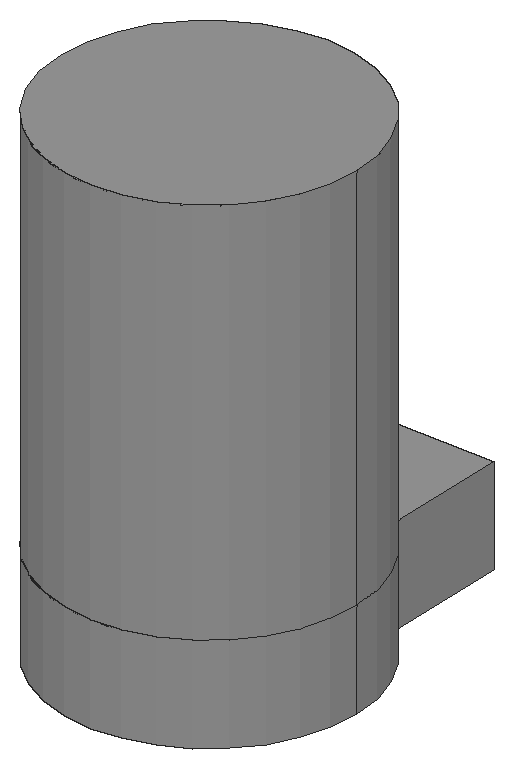
Revit family "KEUCO_14951010000", category Sonderausstattung, Revit 2016
Family settings
  Teiletyp = Normal
  Bemaßung runder Anschluss = Durchmesser verwenden
  Arbeitsebenenbasiert = Nein
  Immer vertikal = Ja
  Beim Laden mit Abzugskörper schneiden = Nein
  Gemeinsam genutzt = Nein
  Raumberechnungspunkt = Nein
Parameters (values of type "14951010000")
  Verwendung = "BI / GWC / WP"  # constant formula
  URL = "https://www.keuco.com/de/produkte/sortiment/artikel/?pid=14951&oid=1&pgo=11&country=de&lang=de&vid=14951010000"
  Serie = "Plan"  # constant formula
  Preisgruppe = "1"  # constant formula
  Material Regal [instance] = Verchromt
  Materialien bei Hersteller anfragen = "Anfrage zu:  objektmanagement@keuco.de"
  Kategorie = "ACC"  # constant formula
  Hersteller = "KEUCO"  # constant formula
  Gewicht = 382
  Beschreibung = "komplett mit Halter und Pumpe,\r\nfür Flüssigseife\r\nFüllmenge: ca. 280 ml\r\nDosiermenge: ca. 0,5 ml/Hub"
  Ausschreibungstext = "KEUCO PLAN Lotionspender 14951010000 \r\nkomplett mit Halter und Pumpe,\r\nhochglanzverchromter Halter mit Lotionspender für Flüssigseife,\r\nin ästhetischem, funktionalem Design, leicht zu reinigen, \r\nkomplett mit Halter und Stülpbecher aus Metall, hochglanzverchromt,\r\nFüllmenge ca. 280 ml, Dosiermenge ca. 0,5 ml/Hub,\r\nHöhe 125 mm, Durchmesser 76 mm, Ausladung 101 mm,\r\nder Lotionspender wird verdeckt angebracht,\r\nLieferung inkl. korrosionsfreiem Befestigungsmaterial"
  Artikelnummer = "14951010000"
Types (4, lengths in mm): name | URL | Material Regal | Materialien bei Hersteller anfragen | Beschreibung | Ausschreibungstext | Artikelnummer
  (no name) | "https://www.keuco.com" | Verchromt | "Request to:  objektmanagement@keuco.de" | "--" | "" | "14951010000"
  14951010000 | "https://www.keuco.com/de/produkte/sortiment/artikel/?pid=14951&oid=1&pgo=11&country=de&lang=de&vid=14951010000" | Verchromt | "Anfrage zu:  objektmanagement@keuco.de" | "komplett mit Halter und Pumpe,\r\nfür Flüssigseife\r\nFüllmenge: ca. 280 ml\r\nDosiermenge: ca. 0,5 ml/Hub" | "KEUCO PLAN Lotionspender 14951010000 \r\nkomplett mit Halter und Pumpe,\r\nhochglanzverchromter Halter mit Lotionspender für Flüssigseife,\r\nin ästhetischem, funktionalem Design, leicht zu reinigen, \r\nkomplett mit Halter und Stülpbecher aus Metall, hochglanzverchromt,\r\nFüllmenge ca. 280 ml, Dosiermenge ca. 0,5 ml/Hub,\r\nHöhe 125 mm, Durchmesser 76 mm, Ausladung 101 mm,\r\nder Lotionspender wird verdeckt angebracht,\r\nLieferung inkl. korrosionsfreiem Befestigungsmaterial" | "14951010000"
  14951070000 | "https://www.keuco.com/de/produkte/sortiment/artikel/?pid=14951&oid=1&pgo=11&country=de&lang=de&vid=14951070000" | Edelstahl | "Request to:  objektmanagement@keuco.de" | "komplett mit Halter und Pumpe,\r\nfür Flüssigseife\r\nFüllmenge: ca. 280 ml\r\nDosiermenge: ca. 0,5 ml/Hub" | "KEUCO PLAN Lotionspender 14951070000 \r\nkomplett mit Halter und Pumpe,\r\nHalter aus hochwertigem Edelstahl mit Lotionspender für Flüssigseife,\r\nin ästhetischem, funktionalem Design, leicht zu reinigen, \r\nkomplett mit Halter und Stülpbecher aus Edelstahl,\r\nFüllmenge ca. 280 ml, Dosiermenge ca. 0,5 ml/Hub,\r\nHöhe 125 mm, Durchmesser 76 mm, Ausladung 101 mm,\r\nder Lotionspender wird verdeckt angebracht,\r\nLieferung inkl. korrosionsfreiem Befestigungsmaterial" | "14951070000"
  14951170000 | "https://www.keuco.com/de/produkte/sortiment/artikel/?pid=14951&oid=1&pgo=11&country=de&lang=de&vid=14951170000" | Aluminium silber-eloxiert (E6 EV1) | "Request to:  objektmanagement@keuco.de" | "komplett mit Halter und Pumpe,\r\nfür Flüssigseife\r\nFüllmenge: ca. 280 ml\r\nDosiermenge: ca. 0,5 ml/Hub" | "KEUCO PLAN Lotionspender 14951170000 \r\nkomplett mit Halter und Pumpe,\r\nHalter in Aluminium-Optik mit Lotionspender für Flüssigseife,\r\nin ästhetischem, funktionalem Design, leicht zu reinigen, \r\nkomplett mit Halter und Stülpbecher aus Metall, Aluminium-Optik\r\nFüllmenge ca. 280 ml, Dosiermenge ca. 0,5 ml/Hub,\r\nHöhe 125 mm, Durchmesser 76 mm, Ausladung 101 mm,\r\nder Lotionspender wird verdeckt angebracht,\r\nLieferung inkl. korrosionsfreiem Befestigungsmaterial" | "14951170000"
Reference planes
  plane 1 "Center (Front/Back)": y = 0
  plane 2: z = 0
  plane 3 "Center (Left/Right)": x = 0
  plane 4: y = -101
  plane 5: z = -25
  plane 6: z = 100
Forms (mm)
  Extrusion 1, solid, material "Verchromt" <- "Material Regal"
    sketch origin (0, 0, 0) x (1, 0, 0) y (0, 1, 0)
      loop
        line (22.62, -32.466) -> (22.62, 0) -> (-22.62, 0) -> (-22.62, -32.466)
        arc (-22.62, -32.466) -> (0, -25) -> (22.62, -32.466) r 38
    from -25 to 0
  Extrusion 2, solid, material "Verchromt" <- "Material Regal"
    sketch origin (0, 0, 0) x (1, 0, 0) y (0, 1, 0)
      loop
        circle (0, -63) r 38
    from 0 to 100
  Extrusion 3, solid, material "Verchromt" <- "Material Regal"
    sketch origin (0, 0, 0) x (1, 0, 0) y (0, 1, 0)
      loop
        circle (0, -63) r 38
    from 0 to -25
Lines and regions (mm)
  symbolic lines, style "SpecialityEquipment"
    curve 1: line (-22.62, 0, 0) -> (22.62, 0, 0)
    curve 2: line (22.62, 0, 0) -> (22.62, -32.466, 0)
    curve 3: line (-22.62, 0, 0) -> (-22.62, -32.466, 0)
    curve 4: arc (-22.62, -32.466, 0) -> (0, -101, 0) -> (22.62, -32.466, 0) r 38
Dimensions and locks
  plane 4 to plane 1 "Center (Front/Back)" = 101 mm
  plane 2 to plane 5 = 25 mm
  plane 6 to plane 5 = 125 mm
  locked: plane 2 to plane 5 at 25
  plane 1 "Center (Front/Back)" to plane 4 = 101 mm
  aligned and locked: level to plane 2
